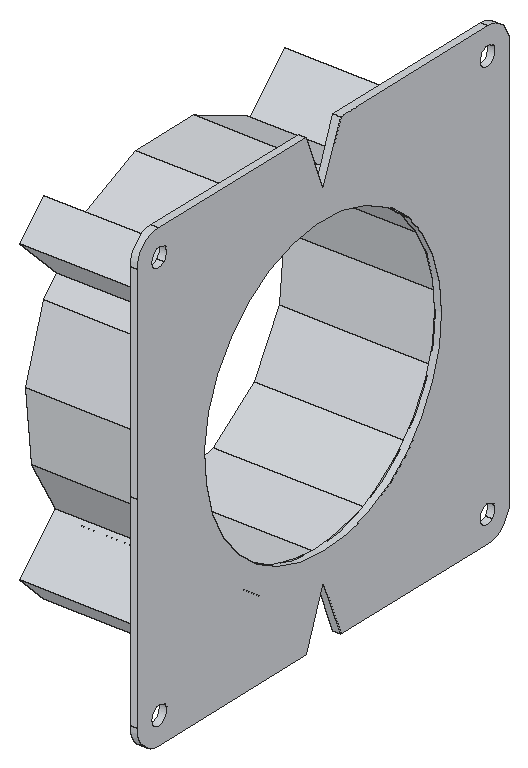
Revit family "LP100R-D", category Pipe Accessories, Revit 2021
Family settings
  Round Connector Dimension = Use Diameter
  Part Type = Breaks Into
  Work Plane-Based = No
  Always vertical = No
  Cut with Voids When Loaded = No
  Shared = No
Parameters
  URL = "https://www.snapcollars.com.au/"
  Model = "LP100R-D"
  Manufacturer = "Snap Fire Systems"
  Description = "The LP100R-D is a low profile, metal, retro-fit fire collar for concrete floor slabs, fire rated plasterboard ceilings and Hebel Powerpanel walls."
  Default Elevation = 0 mm
Reference planes
  plane 1 "Center (Front/Back)": y = 0
  plane 2: z = 0
  plane 3 "Center (Left/Right)": x = -139.129
  plane 4: x = -230
  plane 5: x = -208.636
  plane 6: x = -210
Forms (mm)
  Extrusion 1, solid, material "PVC-White", not visible, detail levels fine
    sketch origin (0, 0, 0) x (1, 0, 0) y (0, 0, 1)
      loop
        line (-80, 60.418) -> (-227.967, 86.048) -> (-227.967, 69.12) -> (-80, 60.418)
    from -1.5 to 1.5
  Extrusion 2, solid, material "PVC-White", not visible, detail levels fine
    sketch origin (0, 0, 0) x (1, 0, 0) y (0, -0.5, 0.866025)
      loop
        line (-80, 60.418) -> (-227.967, 86.048) -> (-227.967, 69.12) -> (-80, 60.418)
    from -1.5 to 1.5
  Extrusion 3, solid, material "PVC-White", not visible, detail levels fine
    sketch origin (0, 0, 0) x (1, 0, 0) y (0, -0.866025, 0.5)
      loop
        line (-80, 60.418) -> (-227.967, 86.048) -> (-227.967, 69.12) -> (-80, 60.418)
    from -1.5 to 1.5
  Extrusion 4, solid, material "PVC-White", not visible, detail levels fine
    sketch origin (0, 0, 0) x (0, -1, 0) y (-1, 0, 0)
      loop
        line (60.418, 80) -> (86.048, 227.967) -> (69.12, 227.967) -> (60.418, 80)
    from -1.5 to 1.5
  Extrusion 5, solid, material "PVC-White", not visible, detail levels fine
    sketch origin (0, 0, 0) x (1, 0, 0) y (0, -0.866025, -0.5)
      loop
        line (-80, 60.418) -> (-227.967, 86.048) -> (-227.967, 69.12) -> (-80, 60.418)
    from -1.5 to 1.5
  Extrusion 6, solid, material "PVC-White", not visible, detail levels fine
    sketch origin (0, 0, 0) x (1, 0, 0) y (0, -0.5, -0.866025)
      loop
        line (-80, 60.418) -> (-227.967, 86.048) -> (-227.967, 69.12) -> (-80, 60.418)
    from -1.5 to 1.5
  Extrusion 7, solid, material "PVC-White", not visible, detail levels fine
    sketch origin (0, 0, 0) x (1, 0, 0) y (0, 0, -1)
      loop
        line (-80, 60.418) -> (-227.967, 86.048) -> (-227.967, 69.12) -> (-80, 60.418)
    from -1.5 to 1.5
  Extrusion 8, solid, material "PVC-White", not visible, detail levels fine
    sketch origin (0, 0, 0) x (1, 0, 0) y (0, 0.5, -0.866025)
      loop
        line (-80, 60.418) -> (-227.967, 86.048) -> (-227.967, 69.12) -> (-80, 60.418)
    from -1.5 to 1.5
  Extrusion 9, solid, material "PVC-White", not visible, detail levels fine
    sketch origin (0, 0, 0) x (1, 0, 0) y (0, 0.866025, -0.5)
      loop
        line (-80, 60.418) -> (-227.967, 86.048) -> (-227.967, 69.12) -> (-80, 60.418)
    from -1.5 to 1.5
  Extrusion 10, solid, material "PVC-White", not visible, detail levels fine
    sketch origin (0, 0, 0) x (1, 0, 0) y (0, 1, 0)
      loop
        line (-80, 60.418) -> (-227.967, 86.048) -> (-227.967, 69.12) -> (-80, 60.418)
    from -1.5 to 1.5
  Extrusion 11, solid, material "PVC-White", not visible, detail levels fine
    sketch origin (0, 0, 0) x (1, 0, 0) y (0, 0.866025, 0.5)
      loop
        line (-80, 60.418) -> (-227.967, 86.048) -> (-227.967, 69.12) -> (-80, 60.418)
    from -1.5 to 1.5
  Extrusion 12, solid, material "PVC-White", not visible, detail levels fine
    sketch origin (0, 0, 0) x (1, 0, 0) y (0, 0.5, 0.866025)
      loop
        line (-80, 60.418) -> (-227.967, 86.048) -> (-227.967, 69.12) -> (-80, 60.418)
    from -1.5 to 1.5
  Extrusion 13, solid
    sketch origin (-230, 2000, 1200) x (0, 1, 0) y (0, 0, 1)
      loop
        line (-2012.92, -1139.216) -> (-2036.526, -1149.726) -> (-2053.816, -1168.929) -> (-2061.801, -1193.504) -> (-2059.1, -1219.203) -> (-2046.18, -1241.581) -> (-2025.275, -1256.769) -> (-2000, -1262.142) -> (-1974.725, -1256.769) -> (-1953.82, -1241.581) -> (-1940.9, -1219.203) -> (-1938.199, -1193.504) -> (-1946.184, -1168.929) -> (-1963.474, -1149.726) -> (-1987.08, -1139.216) -> (-2012.92, -1139.216)
      loop
        line (-2014.879, -1130) -> (-2042.064, -1142.104) -> (-2061.976, -1164.218) -> (-2071.172, -1192.52) -> (-2068.061, -1222.114) -> (-2053.182, -1247.886) -> (-2029.108, -1265.377) -> (-2000, -1271.564) -> (-1970.892, -1265.377) -> (-1946.818, -1247.886) -> (-1931.939, -1222.114) -> (-1928.828, -1192.52) -> (-1938.024, -1164.218) -> (-1957.936, -1142.104) -> (-1985.121, -1130) -> (-2014.879, -1130)
    from 0 to 62
  Extrusion 14, solid, not visible
    sketch origin (-230, 23.225, 34.758) x (0, -0.92388, 0.382683) y (1, 0, 0)
      loop
        line (16.311, 91) -> (0, 91) -> (0, 65) -> (16.311, 65) -> (16.311, 91)
    from 0 to 3
  Extrusion 15, solid, not visible
    sketch origin (-230, 24.373, 37.53) x (0, -0.92388, 0.382683) y (1, 0, 0)
      loop
        line (16.311, 91) -> (0, 91) -> (0, 88) -> (16.311, 88) -> (16.311, 91)
    from 0 to 21
  Extrusion 16, solid, not visible
    sketch origin (-230, 29.556, 29.418) x (0, -0.828512, 0.559971) y (1, 0, 0)
      loop
        line (16.311, 91) -> (0, 91) -> (0, 65) -> (16.311, 65) -> (16.311, 91)
    from 0 to 3
  Extrusion 17, solid, not visible
    sketch origin (-230, 31.236, 31.904) x (0, -0.828512, 0.559971) y (1, 0, 0)
      loop
        line (16.311, 91) -> (0, 91) -> (0, 88) -> (16.311, 88) -> (16.311, 91)
    from 0 to 21
  Extrusion 18, solid, not visible
    sketch origin (-230, -15.852, 38.571) x (0, -0.83464, -0.550797) y (1, 0, 0)
      loop
        line (16.311, 91) -> (0, 91) -> (0, 65) -> (16.311, 65) -> (16.311, 91)
    from 0 to 3
  Extrusion 19, solid, not visible
    sketch origin (-230, -17.504, 41.075) x (0, -0.83464, -0.550797) y (1, 0, 0)
      loop
        line (16.311, 91) -> (0, 91) -> (0, 88) -> (16.311, 88) -> (16.311, 91)
    from 0 to 21
  Extrusion 20, solid, not visible
    sketch origin (-230, 29.261, -29.712) x (0, 0.564361, 0.825528) y (1, 0, 0)
      loop
        line (16.311, 91) -> (0, 91) -> (0, 65) -> (16.311, 65) -> (16.311, 91)
    from 0 to 3
  Extrusion 21, solid, not visible
    sketch origin (-230, 31.738, -31.405) x (0, 0.564361, 0.825528) y (1, 0, 0)
      loop
        line (16.311, 91) -> (0, 91) -> (0, 88) -> (16.311, 88) -> (16.311, 91)
    from 0 to 21
  Extrusion 22, solid, not visible
    sketch origin (-230, -38.657, -15.64) x (0, 0.54621, -0.837649) y (1, 0, 0)
      loop
        line (16.311, 91) -> (0, 91) -> (0, 65) -> (16.311, 65) -> (16.311, 91)
    from 0 to 3
  Extrusion 23, solid, not visible
    sketch origin (-230, -41.17, -17.279) x (0, 0.54621, -0.837649) y (1, 0, 0)
      loop
        line (16.311, 91) -> (0, 91) -> (0, 88) -> (16.311, 88) -> (16.311, 91)
    from 0 to 21
  Extrusion 24, void
    sketch origin (-228.024, 93.962, 93.962) x (0, -0.707107, -0.707107) y (0, 0.707107, -0.707107)
      loop
        circle (14, 0) r 4
    from -10.829 to 99.469
  Extrusion 25, solid, not visible
    sketch origin (0, 0, 41.882) x (1, 0, 0) y (0, 0, 1)
      loop
        line (-201.343, 54.118) -> (-201.343, 56.118) -> (-228.024, 56.118) -> (-228.024, 86.118) -> (-230, 86.118) -> (-230, 78) -> (-230, 54.118) -> (-201.343, 54.118)
    from -8 to 8
  Extrusion 26, void, not visible
    sketch origin (-228.024, 0, 132.882) x (0, 0, -1) y (0, 1, 0)
      loop
        circle (14, 0) r 4
    from -10.829 to 2.558
  Extrusion 27, void
    sketch origin (-228.024, -93.962, 93.962) x (0, 0.707107, -0.707107) y (0, 0.707107, 0.707107)
      loop
        circle (14, 0) r 4
    from -10.829 to 99.469
  Extrusion 28, void
    sketch origin (-228.024, -93.962, -93.962) x (0, 0.707107, 0.707107) y (0, -0.707107, 0.707107)
      loop
        circle (14, 0) r 4
    from -10.829 to 83.302
  Extrusion 29, solid
    sketch origin (0, 18.385, 18.385) x (1, 0, 0) y (0, 0.707107, 0.707107)
      loop
        line (-168, 41) -> (-168, 70) -> (-230, 70) -> (-230, 41) -> (-168, 41)
    from -8.715 to 8.715
  Extrusion 30, solid
    sketch origin (0, -18.385, 18.385) x (1, 0, 0) y (0, -0.707107, 0.707107)
      loop
        line (-168, 41) -> (-168, 70) -> (-230, 70) -> (-230, 41) -> (-168, 41)
    from -8.715 to 8.715
  Extrusion 31, solid
    sketch origin (0, -18.385, -18.385) x (1, 0, 0) y (0, -0.707107, -0.707107)
      loop
        line (-168, 41) -> (-168, 70) -> (-230, 70) -> (-230, 41) -> (-168, 41)
    from -8.715 to 8.715
  Extrusion 32, solid
    sketch origin (0, 18.385, -18.385) x (1, 0, 0) y (0, 0.707107, -0.707107)
      loop
        line (-168, 41) -> (-168, 70) -> (-230, 70) -> (-230, 41) -> (-168, 41)
    from -8.715 to 8.715
  Extrusion 33, void
    sketch origin (-228.024, 93.962, -93.962) x (0, -0.707107, 0.707107) y (0, -0.707107, -0.707107)
      loop
        circle (14, 0) r 4
    from -10.829 to 110.355
  Extrusion 34, solid, not visible
    sketch origin (0, 15.828, 20.627) x (1, 0, 0) y (0, 0.608761, 0.793353)
      loop
        line (-168, 41) -> (-168, 70) -> (-230, 70) -> (-230, 41) -> (-168, 41)
    from -8.715 to 8.715
  Extrusion 35, solid, not visible
    sketch origin (0, -20.627, 15.828) x (1, 0, 0) y (0, -0.793353, 0.608761)
      loop
        line (-168, 41) -> (-168, 70) -> (-230, 70) -> (-230, 41) -> (-168, 41)
    from -8.715 to 8.715
  Extrusion 36, solid, not visible
    sketch origin (0, -15.828, -20.627) x (1, 0, 0) y (0, -0.608761, -0.793353)
      loop
        line (-168, 41) -> (-168, 70) -> (-230, 70) -> (-230, 41) -> (-168, 41)
    from -8.715 to 8.715
  Extrusion 37, solid, not visible
    sketch origin (0, 20.627, -15.828) x (1, 0, 0) y (0, 0.793353, -0.608761)
      loop
        line (-168, 41) -> (-168, 70) -> (-230, 70) -> (-230, 41) -> (-168, 41)
    from -8.715 to 8.715
  Extrusion 38, solid
    sketch origin (-168, -49.479, -49.479) x (0, 0.707107, 0.707107) y (0, -0.707107, 0.707107)
      loop
        line (62.421, 126.796) -> (2.799, 67.175) -> (-56.822, 7.554)
        arc (-56.822, 7.554) -> (-60.056, 0) -> (-56.822, -7.554) r 10.439
        line (-56.822, -7.554) -> (-3.423, -60.953) -> (19.063, -50.912) -> (9.022, -73.398) -> (62.421, -126.796)
        arc (62.421, -126.796) -> (69.974, -130.03) -> (77.528, -126.796) r 10.439
        line (77.528, -126.796) -> (137.15, -67.175) -> (196.771, -7.554)
        arc (196.771, -7.554) -> (200.005, 0) -> (196.771, 7.554) r 10.439
        line (196.771, 7.554) -> (143.372, 60.953) -> (120.886, 50.912) -> (130.927, 73.398) -> (77.528, 126.796)
        arc (77.528, 126.796) -> (69.974, 130.03) -> (62.421, 126.796) r 10.439
      loop
        circle (69.974, 0) r 61
    from 0 to 3
Cuts and joins
  joined: Extrusion 13, Extrusion 29, Extrusion 30, Extrusion 31, Extrusion 32
  Extrusion 24, Extrusion 27, Extrusion 28, Extrusion 33 cuts Extrusion 38
Lines and regions (mm)
  model lines
    curve 1: circle (-230, 0, 0) r 130 normal (1, 0, 0)
    curve 2: circle (-230, 0, 0) r 119 normal (1, 0, 0)
Dimensions and locks
  locked: plane 4 to plane 3 "Center (Left/Right)" at 90.871
  Extrusion 1 sketch curve to Extrusion 1 sketch curve = 0 mm
  Extrusion 2 sketch curve to Extrusion 2 sketch curve = 0 mm
  Extrusion 3 sketch curve to Extrusion 3 sketch curve = 0 mm
  Extrusion 4 sketch curve to Extrusion 4 sketch curve = 0 mm
  Extrusion 5 sketch curve to Extrusion 5 sketch curve = 0 mm
  Extrusion 6 sketch curve to Extrusion 6 sketch curve = 0 mm
  Extrusion 7 sketch curve to Extrusion 7 sketch curve = 0 mm
  Extrusion 8 sketch curve to Extrusion 8 sketch curve = 0 mm
  Extrusion 9 sketch curve to Extrusion 9 sketch curve = 0 mm
  Extrusion 10 sketch curve to Extrusion 10 sketch curve = 0 mm
  Extrusion 11 sketch curve to Extrusion 11 sketch curve = 0 mm
  Extrusion 12 sketch curve to Extrusion 12 sketch curve = 0 mm
  aligned and locked: level to plane 2
Connectors
  piping at (-210, 0, 0), diameter 122
    settings: on plane 6, index 4, connector inside diameter 609.6 mm, connector length 0 mm, flow factor 0, pipe flow 0.0 L/s, pressure drop 0.0 Pa, fitting loss kfactor 0, connector angle 0.00°, fixture units 0, engagement length 0 mm, angle of deflection 0.00°, flow configuration 0, flow direction 0, fitting loss method 0, system type 7, joint type 0, gender type 0, connector reference index -1, connector utility 0, adjustable connector no, is connector primary yes, connector description ""
  piping at (-208.636, 0, 0), diameter 122
    settings: on plane 5, index 5, connector inside diameter 609.6 mm, connector length 0 mm, flow factor 0, pipe flow 0.0 L/s, pressure drop 0.0 Pa, fitting loss kfactor 0, connector angle 0.00°, fixture units 0, engagement length 0 mm, angle of deflection 0.00°, flow configuration 0, flow direction 0, fitting loss method 0, system type 7, joint type 0, gender type 0, connector reference index -1, connector utility 0, adjustable connector no, is connector primary no, connector description ""
